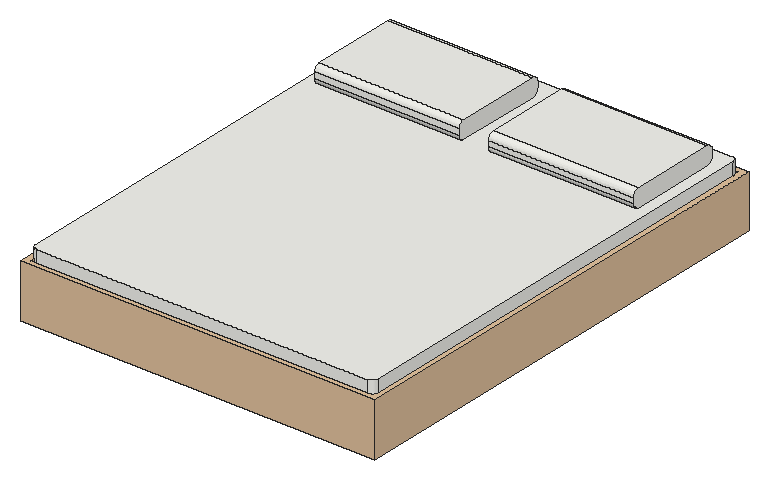
Revit family "dd23aa34545f4ae994ad878467b968a9", category Furniture, Revit 2019
Family settings
  OmniClass Number = 23.40.20.17.14.11
  OmniClass Title = Beds
  Seek Item ID = Bed-Box-0000-USA-ENU
  Work Plane-Based = No
  Always vertical = Yes
  Cut with Voids When Loaded = No
  Shared = No
  Room Calculation Point = No
Parameters (values of type "Queen 60" x 79"")
  Assembly Code = "E2020200"
  Frame Material = Birch
  Length = 6' - 7"
  Mattress Material = Linen, White
  Width = 5' - 0"
Types (4): name | Length | Width
  (no name) | 6' - 7" | 5' - 0"
  Double 53" x 74" | 6' - 2" | 4' - 5"
  Queen 60" x 79" | 6' - 7" | 5' - 0"
  Twin 38" x 74" | 6' - 2" | 3' - 2"
Reference planes (in)
  plane 1 "Center (Front/Back)": y = -9.22951
  plane 2: z = 0
  plane 3 "Center (Left/Right)": x = 13.35246
  plane 4: y = 30.27049
  plane 5: y = -48.72951
  plane 6: x = -16.64754
  plane 7: x = 43.35246
  plane 8: z = 7
  plane 9: y = 26.27049
  plane 10: y = 9.77049
Forms (in)
  Sweep 1, solid, material "Birch" <- "Frame Material"
    path origin (0, -48.72951, 0) x (1, 0, 0) y (0, 0, 1)
      loop
        line (-15.64754, 7) -> (-13.64754, 7) -> (-10.65262, 0.57738)
        arc (-10.65262, 0.57738) -> (-10.28362, 0.15661) -> (-9.74632, 0) r 1
        line (-9.74632, 0) -> (-6.65134, 0)
        arc (-6.65134, 0) -> (-6.39252, 0.03407) -> (-6.15134, 0.13397) r 1
        line (-6.15134, 0.13397) -> (-3.78531, 1.5) -> (30.49023, 1.5) -> (32.85625, 0.13397)
        arc (32.85625, 0.13397) -> (33.09744, 0.03407) -> (33.35625, 0) r 1
        line (33.35625, 0) -> (36.45124, 0)
        arc (36.45124, 0) -> (36.98853, 0.15661) -> (37.35754, 0.57738) r 1
        line (37.35754, 0.57738) -> (40.35246, 7) -> (42.35246, 7)
    profile origin (-14.64754, -48.72951, 0) x (0, 0, 1) y (0, -1, 0)
      loop
        line (7.75, -9) -> (7, -9) -> (7, -12) -> (7.75, -12) -> (7.75, -9)
  Extrusion 2, solid, material "Linen, White" <- "Mattress Material"
    sketch origin (0, 0, 16) x (1, 0, 0) y (0, 1, 0)
      loop
        line (41.35246, 29.27049) -> (-14.64754, 29.27049)
        arc (-14.64754, 29.27049) -> (-15.35465, 28.9776) -> (-15.64754, 28.27049) r 1
        line (-15.64754, 28.27049) -> (-15.64754, -46.72951)
        arc (-15.64754, -46.72951) -> (-15.35465, -47.43661) -> (-14.64754, -47.72951) r 1
        line (-14.64754, -47.72951) -> (41.35246, -47.72951)
        arc (41.35246, -47.72951) -> (42.05957, -47.43661) -> (42.35246, -46.72951) r 1
        line (42.35246, -46.72951) -> (42.35246, 28.27049)
        arc (42.35246, 28.27049) -> (42.05957, 28.9776) -> (41.35246, 29.27049) r 1
    from 0 to -8
  Sweep 3, solid, material "Birch" <- "Frame Material"
    path origin (0, 30.27049, 0) x (1, 0, 0) y (0, 0, 1)
      loop
        line (-15.63477, 7) -> (-13.63477, 7) -> (-10.63985, 0.57738)
        arc (-10.63985, 0.57738) -> (-10.27085, 0.15661) -> (-9.73355, 0) r 1
        line (-9.73355, 0) -> (-6.63857, 0)
        arc (-6.63857, 0) -> (-6.37975, 0.03407) -> (-6.13857, 0.13397) r 1
        line (-6.13857, 0.13397) -> (-3.77254, 1.5) -> (30.49023, 1.5) -> (32.85625, 0.13397)
        arc (32.85625, 0.13397) -> (33.09744, 0.03407) -> (33.35625, 0) r 1
        line (33.35625, 0) -> (36.45124, 0)
        arc (36.45124, 0) -> (36.98853, 0.15661) -> (37.35754, 0.57738) r 1
        line (37.35754, 0.57738) -> (40.35246, 7) -> (42.35246, 7)
    profile origin (-14.63477, 30.27049, 0) x (0, 0, 1) y (0, -1, 0)
      loop
        line (7, 13) -> (7, 10) -> (7.75, 10) -> (7.75, 13) -> (7, 13)
  Extrusion 4, solid, material "Birch" <- "Frame Material"
    sketch origin (0, 0, 0) x (1, 0, 0) y (0, 1, 0)
      loop
        line (-16.64754, 30.27049) -> (-16.64754, -48.72951) -> (43.35246, -48.72951) -> (43.35246, 30.27049) -> (-16.64754, 30.27049)
      loop
        line (-15.64754, 29.27049) -> (-15.64754, -47.72951) -> (42.35246, -47.72951) -> (42.35246, 29.27049) -> (-15.64754, 29.27049)
    from 5 to 14
  Sweep 5, solid, material "Linen, White" <- "Mattress Material"
    path origin (0, 0, 0) x (1, 0, 0) y (0, 1, 0)
      loop
        line (-13.64754, 26.27049) -> (10.85246, 26.27049)
    profile origin (-1.39754, 0, 0) x (0, 1, 0) y (0, 0, 1)
      loop
        line (10.77049, 16) -> (25.27049, 16)
        arc (25.27049, 16) -> (25.9776, 16.29289) -> (26.27049, 17) r 1
        line (26.27049, 17) -> (26.27049, 18)
        arc (26.27049, 18) -> (25.9776, 18.70711) -> (25.27049, 19) r 1
        line (25.27049, 19) -> (10.77049, 19)
        arc (10.77049, 19) -> (10.06339, 18.70711) -> (9.77049, 18) r 1
        line (9.77049, 18) -> (9.77049, 17)
        arc (9.77049, 17) -> (10.06339, 16.29289) -> (10.77049, 16) r 1
  Sweep 6, solid, material "Linen, White" <- "Mattress Material"
    path origin (29.5, 0, 0) x (1, 0, 0) y (0, 1, 0)
      loop
        line (-13.64754, 26.27049) -> (10.85246, 26.27049)
    profile origin (28.10246, 0, 0) x (0, 1, 0) y (0, 0, 1)
      loop
        line (10.77049, 16) -> (25.27049, 16)
        arc (25.27049, 16) -> (25.9776, 16.29289) -> (26.27049, 17) r 1
        line (26.27049, 17) -> (26.27049, 18)
        arc (26.27049, 18) -> (25.9776, 18.70711) -> (25.27049, 19) r 1
        line (25.27049, 19) -> (10.77049, 19)
        arc (10.77049, 19) -> (10.06339, 18.70711) -> (9.77049, 18) r 1
        line (9.77049, 18) -> (9.77049, 17)
        arc (9.77049, 17) -> (10.06339, 16.29289) -> (10.77049, 16) r 1
Lines and regions (in)
  Masking region 1
    outline origin (0, 0, 0) x (1, 0, 0) y (0, 1, 0)
      loop
        line (-16.64754, 30.27049) -> (-16.64754, -48.72951) -> (43.35246, -48.72951) -> (43.35246, 30.27049) -> (-16.64754, 30.27049)
  symbolic lines
    curve 1: line (-15.64754, 29.27049, 0) -> (42.35246, 29.27049, 0)
    curve 2: line (-15.64754, 29.27049, 0) -> (-15.64754, -47.72951, 0)
    curve 3: line (-15.64754, -47.72951, 0) -> (42.35246, -47.72951, 0)
    curve 4: line (42.35246, 29.27049, 0) -> (42.35246, -47.72951, 0)
    curve 5: line (-13.64754, 26.27049, 0) -> (10.85246, 26.27049, 0)
    curve 6: line (-13.64754, 26.27049, 0) -> (-13.64754, 9.77049, 0)
    curve 7: line (-13.64754, 9.77049, 0) -> (10.85246, 9.77049, 0)
    curve 8: line (10.85246, 26.27049, 0) -> (10.85246, 9.77049, 0)
    curve 9: line (15.85246, 26.27049, 0) -> (40.35246, 26.27049, 0)
    curve 10: line (15.85246, 26.27049, 0) -> (15.85246, 9.77049, 0)
    curve 11: line (15.85246, 9.77049, 0) -> (40.35246, 9.77049, 0)
    curve 12: line (40.35246, 26.27049, 0) -> (40.35246, 9.77049, 0)
    curve 13: line (42.35246, 9.77049, 0) -> (-15.64754, 0.77782, 0)
Dimensions and locks (in)
  equal spacing: plane 6, plane 3 "Center (Left/Right)", plane 7
  equal spacing: plane 5, plane 1 "Center (Front/Back)", plane 4
  "Length": plane 5 to plane 4
  "Width": plane 6 to plane 7
  locked: plane 6 to Sweep 1 sketch curve at 3
  locked: Sweep 1 sketch curve to Sweep 1 sketch curve at 3.09498  (x2)
  locked: Sweep 1 sketch curve to plane 7 at 3
  plane 10 to plane 9 to plane 4 = 1' - 4 1/2", 0' - 4" locked
  aligned and locked: Extrusion 2 sketch curve to Extrusion 4  (x4)
  aligned and locked: curve 10 to Sweep 6 sketch curve
  aligned and locked: curve 12 to Sweep 6 sketch curve
  aligned and locked: curve 5 to Sweep 6 sketch curve
  aligned and locked: Masking region 1 sketch curve to plane 6
  aligned and locked: plane 4 to Masking region 1 sketch curve
  aligned and locked: plane 7 to Masking region 1 sketch curve
  aligned and locked: Masking region 1 sketch curve to plane 5
Automatic sketch dimensions
  Sweep 1 sketch curve to profile plane = 0' - 0"
  Sweep 1 sketch curve to profile plane = 0' - 0 3/4"
  Sweep 1 sketch curve to plane 5 = 1' - 0"
  Sweep 1 sketch curve to Sweep 1 sketch curve = 0' - 3"
  Sweep 3 sketch curve to profile plane = 0' - 0"
  Sweep 3 sketch curve to profile plane = 0' - 0 3/4"
  plane 4 to Sweep 3 sketch curve = 0' - 10"
  Sweep 3 sketch curve to Sweep 3 sketch curve = 0' - 3"
  Extrusion 4 sketch curve to plane 4 = 0' - 0"
  Extrusion 4 sketch curve to plane 6 = 0' - 0"
  Extrusion 4 sketch curve to plane 5 = 0' - 0"
  Extrusion 4 sketch curve to plane 7 = 0' - 0"
  Extrusion 4 sketch curve to plane 6 = 0' - 1"
  plane 7 to Extrusion 4 sketch curve = 0' - 1"
  Extrusion 4 sketch curve to plane 5 = 0' - 1"
  plane 4 to Extrusion 4 sketch curve = 0' - 1"
  Extrusion 2 sketch curve to Extrusion 2 sketch curve = 0' - 1"  (x3)
  plane 4 to Extrusion 2 sketch curve = 0' - 2"
  Sweep 1 sketch curve to level = 0' - 0"  (x2)
  Sweep 1 sketch curve to plane 6 = 0' - 1"
  level to Sweep 1 sketch curve = 0' - 0.57738"  (x2)
  Sweep 1 sketch curve to Sweep 1 sketch curve = 0' - 2.99492"
  Sweep 1 sketch curve to Sweep 1 sketch curve = 0' - 0.90631"  (x2)
  level to Sweep 1 sketch curve = 0' - 0.13397"  (x2)
  Sweep 1 sketch curve to Sweep 1 sketch curve = 0' - 0 1/2"  (x2)
  level to Sweep 1 sketch curve = 0' - 1 1/2"
  Sweep 1 sketch curve to Sweep 1 sketch curve = 0' - 2.36603"  (x2)
  Sweep 1 sketch curve to Sweep 1 sketch curve = 0' - 9.86223"
  plane 7 to Sweep 1 sketch curve = 0' - 1"
  level to Sweep 1 sketch curve = 0' - 7"  (x2)
  Sweep 3 sketch curve to level = 0' - 0"  (x2)
  Sweep 3 sketch curve to plane 6 = 0' - 1.01277"
  Sweep 3 sketch curve to Sweep 3 sketch curve = 0' - 2"
  level to Sweep 3 sketch curve = 0' - 0.57738"  (x2)
  Sweep 3 sketch curve to plane 6 = 0' - 6.00769"
  level to Sweep 3 sketch curve = 0' - 1"  (x2)
  Sweep 3 sketch curve to Sweep 3 sketch curve = 0' - 3.09498"  (x2)
  level to Sweep 3 sketch curve = 0' - 0.13397"  (x2)
  Sweep 3 sketch curve to Sweep 3 sketch curve = 0' - 0 1/2"  (x2)
  level to Sweep 3 sketch curve = 0' - 1 1/2"  (x2)
  Sweep 3 sketch curve to Sweep 3 sketch curve = 0' - 2.36603"  (x2)
  plane 7 to Sweep 3 sketch curve = 1' - 0.86223"
  Sweep 3 sketch curve to Sweep 3 sketch curve = 0' - 0"
  plane 7 to Sweep 3 sketch curve = 0' - 3"
  plane 7 to Sweep 3 sketch curve = 0' - 1"
  level to Sweep 3 sketch curve = 0' - 7"  (x2)
  curve 6 to plane 6 = 0' - 3"
  curve 5 to plane 3 "Center (Left/Right)" = 0' - 2 1/2"
  plane 3 "Center (Left/Right)" to curve 9 = 0' - 2 1/2"
  plane 7 to curve 9 = 0' - 3"
  plane 7 to curve 13 = 0' - 1"
  curve 4 to plane 5 = 0' - 1"
  curve 13 to plane 1 "Center (Front/Back)" = 0' - 10.00732"
  curve 13 to curve 7 = 0' - 8.99268"
  curve 11 to curve 7 = 0' - 0"
  curve 13 to curve 11 = 0' - 0"
  plane 4 to curve 6 = 0' - 4"
  plane 4 to curve 10 = 0' - 4"
  plane 4 to curve 4 = 0' - 1"
  Sweep 5 sketch curve to plane 9 = 0' - 0"
  Sweep 5 sketch curve to plane 6 = 0' - 3"
  Sweep 5 sketch curve to plane 3 "Center (Left/Right)" = 0' - 2 1/2"
  Sweep 5 sketch curve to profile plane = 0' - 0"
  profile plane to Sweep 5 sketch curve = 0' - 1"  (x2)
  Sweep 5 sketch curve to Sweep 5 sketch curve = 1' - 2 1/2"
  Sweep 5 sketch curve to Sweep 5 sketch curve = 0' - 0"
  Sweep 5 sketch curve to Sweep 5 sketch curve = 0' - 1"  (x2)
  level to Sweep 5 sketch curve = 1' - 4"
  Sweep 6 sketch curve to profile plane = 0' - 0"
  profile plane to Sweep 6 sketch curve = 0' - 1"  (x2)
  Sweep 6 sketch curve to Sweep 6 sketch curve = 1' - 2 1/2"
  Sweep 6 sketch curve to Sweep 6 sketch curve = 0' - 0"
  Sweep 6 sketch curve to Sweep 6 sketch curve = 0' - 1"  (x2)
  curve 13 to plane 6 = 0' - 1"
